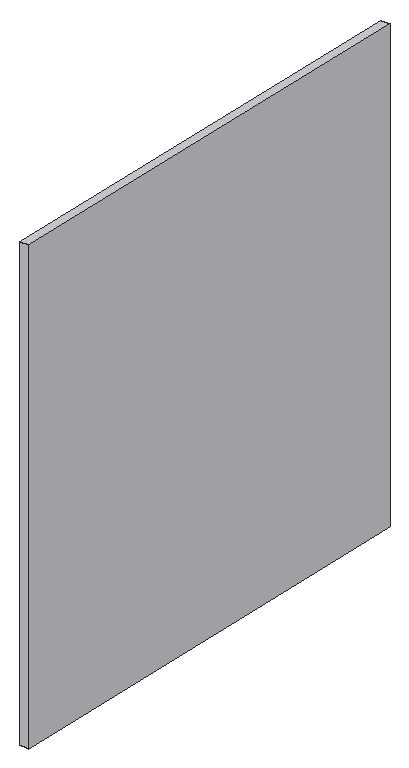
Revit family "M_Rectangular Union (Dummy Zoning)", category Duct Fittings, Revit 2019
Family settings
  Round Connector Dimension = Use Diameter
  Part Type = Union
  OmniClass Number = 23.75.70.14
  OmniClass Title = Air Ductwork
  Work Plane-Based = No
  Always vertical = Yes
  Cut with Voids When Loaded = No
  Shared = No
Parameters (values of type "Standard")
  Duct Width [instance] = 300 mm
  Duct Length [instance] = 6 mm
  Duct Height [instance] = 300 mm
Reference planes
  plane 1 "Center (Front/Back)": y = 0
  plane 2: z = 0
  plane 3 "Center (Left/Right)": x = 0
  plane 4: x = -3
  plane 5: x = 3
Forms (mm)
  Extrusion 1, solid, detail levels medium+fine
    sketch origin (0, 0, 0) x (0, 1, 0) y (0, 0, 1)
      loop
        line (150, -150) -> (150, 150) -> (-150, 150) -> (-150, -150) -> (150, -150)
    from -3 to 3
Lines and regions (mm)
  model lines, style "DuctFitting", detail levels coarse
    curve 1: line (-3, 0, 0) -> (3, 0, 0)
Dimensions and locks
  equal spacing: plane 4, plane 3 "Center (Left/Right)", plane 5
  "Duct Length": plane 4 to plane 5
  equal spacing: Extrusion 1 sketch curve, plane 1 "Center (Front/Back)", Extrusion 1 sketch curve
  equal spacing: Extrusion 1 sketch curve, level, Extrusion 1 sketch curve
  "Duct Width": Extrusion 1 sketch curve to Extrusion 1 sketch curve
  "Duct Height": Extrusion 1 sketch curve to Extrusion 1 sketch curve
  aligned and locked: Extrusion 1 to plane 4
  aligned and locked: plane 5 to Extrusion 1
  aligned and locked: curve 1 to Extrusion 1
  aligned and locked: connector elem to curve 1
Automatic sketch dimensions
  curve 1 to plane 5 = 0 mm
Connectors
  hvac at (-3, 0, 0), driven by "Duct Height", driven by "Duct Width"
    settings: on Extrusion 1, index 0, duct flow 0.0 L/s, flow factor 0, pres drop 0.0 Pa, loss coef 0, conn angle 0.00°, conn width 300 mm, conn height 300 mm, conn diameter 609.6 mm, duct sys type 28, conn prof type 1, flow config 0, flow direction 0, loss method 0, conn ref index 1, conn util no, is conn primary yes, conn desc ""
  hvac at (3, 0, 0), driven by "Duct Height", driven by "Duct Width"
    settings: on Extrusion 1, index 1, duct flow 0.0 L/s, flow factor 0, pres drop 0.0 Pa, loss coef 0, conn angle 0.00°, conn width 300 mm, conn height 300 mm, conn diameter 609.6 mm, duct sys type 28, conn prof type 1, flow config 0, flow direction 0, loss method 0, conn ref index 0, conn util no, is conn primary no, conn desc ""
